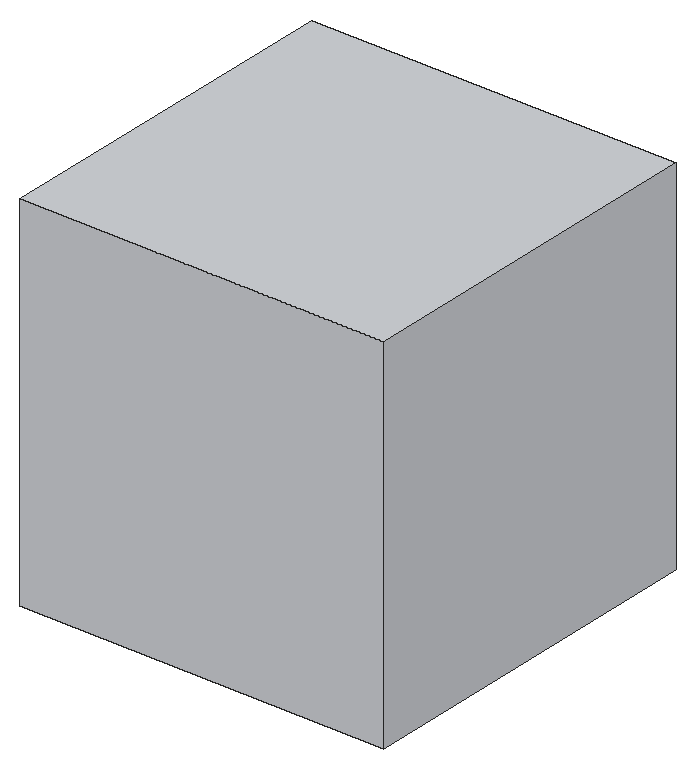
Revit family "Codex_Wall_Hosted", category Casework, host Wall, Revit 2025
Family settings
  Host = Wall
  OmniClass Number = 23.40.35.00
  OmniClass Title = Casework
  Always vertical = Yes
  Cut with Voids When Loaded = No
  Shared = No
  Room Calculation Point = No
Parameters (values of type "Codex_Wall_Hosted")
  Length = 4' - 0"
  Height = 3' - 0"
  Depth = 2' - 0"
  Default Elevation = 0' - 0"
Reference planes (in)
  plane 1: y = 0
  plane 2 "Center (Left/Right)": x = 0
  plane 3 "Left": x = -24
  plane 4 "Right": x = 24
  plane 5 "Front": y = 27
  plane 6 "Back": y = 3
  plane 7 "Top": z = 36
Forms (in)
  Extrusion 1, solid
    sketch origin (0, 0, 0) x (1, 0, 0) y (0, 1, 0)
      loop
        line (0, 0) -> (12, 0) -> (12, 12) -> (0, 12) -> (0, 0)
    from 0 to 12
Text (in)
  text "Placement Side" at (0, 40.15149, 123.01588), in view "Right"
  text "Placement Side" at (-65.09404, 56.76262, 0), in view "Ref. Level"
  text "Placement Side" at (0, 47.49176, 112.82392), in view "Left"
Dimensions and locks (in)
  locked: host wall to plane 6 "Back"
  "Depth": plane 6 "Back" to plane 5 "Front"
  equal spacing: plane 3 "Left", plane 2 "Center (Left/Right)", plane 4 "Right"
  "Length": plane 3 "Left" to plane 4 "Right"
  "Height": plane 7 "Top" to level
Automatic sketch dimensions
  host wall to Extrusion 1 sketch curve = 0' - 0"
  Extrusion 1 sketch curve to plane 2 "Center (Left/Right)" = 0' - 0"
  plane 2 "Center (Left/Right)" to Extrusion 1 sketch curve = 1' - 0"
  host wall to Extrusion 1 sketch curve = 0' - 9"
